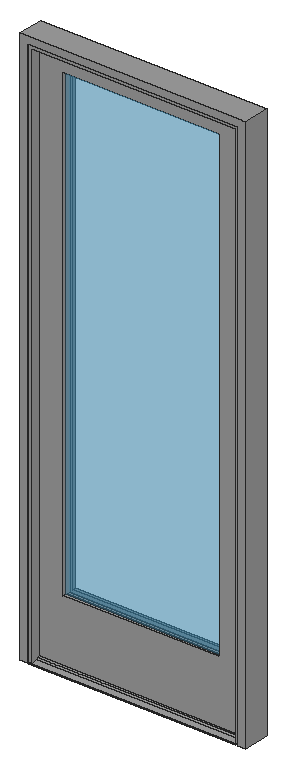
Revit family "AD-375 DOOR-1.56-CW_v04", category Curtain Panels, Revit 2015
Parameters
  Width [instance] = 3' - 2"
  URL = "obe.com"
  Rough Width [instance] = 3' - 2"
  Panel Width [instance] = Width - 0' 2 1/2"  # 2' - 11 1/2"
  Panel Offset [instance] = 0' - 0"
  Offset [instance] = 0' - 1"
  Model = "AD-375 DOOR"
  Min-Max Rough Width [instance] = if(and((Rough Width > 3' 2"), (Rough Width < 3' 8 1/256")), Rough Width, 3' 2 1/2")  # 3' - 2 1/2"
  Min-Max Panel Width [instance] = if(and((Rough Width > 3' 2"), (Rough Width < 3' 8 1/256")), Rough Width - 0' 2 1/2", 3' 0")  # 3' - 0"
  Manufacturer = "Oldcastle BuildingEnvelope®"
  Keynote = "08 11 00"
  Hinge [instance] = yes
  Height [instance] = 8' - 0"
  Glass Material = Glass
  Frame Material = Aluminum
  Door Panel Height [instance] = Height - 0' 0 85/128"  # 7' - 11 43/128"
  Description = "AD-375 - 1-9/16\" Door Infill"
  Assembly Code = "B2030"
  Analytic Construction = "<None>"
  6 Bottom Rail [instance] = no
  10 Bottom Rail [instance] = not([6 Bottom Rail])  # yes
Reference planes (in)
  plane 1 "Front": y = 0
  plane 2: z = 0
  plane 3 "Center (Left/Right)": x = 0
  plane 4 "Left": x = -19
  plane 5 "Right": x = 19
  plane 6 "Top": z = 96
  plane 7 "Offset": y = -1
  plane 8: x = -19.25
  plane 9: x = 19.25
Forms (in)
  Sweep 1, solid, material "Aluminum" <- "Frame Material"
    path origin (0, -1, 0) x (-1, 0, 0) y (0, 0, 1)
      loop
        line (-19.25, 96) -> (-19.25, 0)
    profile origin (19.25, -1, 48) x (0, 1, 0) y (-1, 0, 0)
      loop
        line (0, 0) -> (0, 1.25) -> (-2.7624, 1.25) -> (-2.7624, 1.812) -> (-4.3574, 1.812) -> (-4.3574, 1.25) -> (-4.50055, 1.25) -> (-4.50055, 0) -> (0, 0)
  Sweep 2, solid, material "Aluminum" <- "Frame Material"
    path origin (0, -1, 0) x (-1, 0, 0) y (0, 0, 1)
      loop
        line (19.25, 96) -> (19.25, 0)
    profile origin (-19.25, -1, 48) x (0, 1, 0) y (-1, 0, 0)
      loop
        line (0, 0) -> (-4.50055, 0) -> (-4.50055, -1.25) -> (-4.3574, -1.25) -> (-4.3574, -1.812) -> (-2.7624, -1.812) -> (-2.7624, -1.25) -> (0, -1.25) -> (0, 0)
  Sweep 3, solid, material "Aluminum" <- "Frame Material"
    path origin (0, -1, 0) x (-1, 0, 0) y (0, 0, 1)
      loop
        line (19.25, 96) -> (-19.25, 96)
    profile origin (0, -1, 96) x (0, 0, -1) y (0, 1, 0)
      loop
        line (1.25, 0) -> (0, 0) -> (0, -4.50055) -> (1.25, -4.50055) -> (1.25, -4.3574) -> (1.812, -4.3574) -> (1.812, -2.7624) -> (1.25, -2.7624) -> (1.25, 0)
Cuts and joins
  joined: Sweep 1, Sweep 2, Sweep 3
Text (in)
  text "Exterior" at (-54.29358, 31.38743, 0), in view "Ref. Level"
  text "Exterior" at (480, 41.53993, 89.60405), in view "Right"
  text "Exterior" at (-240, 57.82419, 105.78864), in view "Left"
Dimensions and locks (in)
  equal spacing: plane 4 "Left", plane 3 "Center (Left/Right)", plane 5 "Right"
  "Width": plane 4 "Left" to plane 5 "Right"
  "Height": plane 6 "Top" to plane 2
  "Offset": plane 7 "Offset" to plane 1 "Front"
  locked: plane 7 "Offset" to nested 2 at 1.4437
  locked: plane 9 to nested 2 at 1.25
  locked: plane 7 "Offset" to nested 3 at 1.4437
  locked: nested 3 to plane 8 at 1.25
  locked: nested 4 to plane 6 "Top" at 1.25
  locked: plane 7 "Offset" to nested 4 at 1.4437
  equal spacing: plane 8, plane 3 "Center (Left/Right)", plane 9
  "Min-Max Rough Width": plane 8 to plane 9
  aligned and locked: level to plane 2
  aligned and locked: plane 3 "Center (Left/Right)" to nested 1
  aligned and locked: nested 1 to plane 7 "Offset"
  aligned and locked: plane 2 to Sweep 1 sketch curve
  aligned and locked: plane 6 "Top" to Sweep 1 sketch curve
  aligned and locked: plane 2 to Sweep 2 sketch curve
  aligned and locked: plane 6 "Top" to Sweep 2 sketch curve
  aligned and locked: plane 6 "Top" to Sweep 3 sketch curve
  aligned and locked: Sweep 1 sketch curve to plane 9
  aligned and locked: plane 8 to Sweep 2 sketch curve
  aligned and locked: plane 9 to Sweep 3 sketch curve
  aligned and locked: plane 8 to Sweep 3 sketch curve
Automatic sketch dimensions
  Sweep 2 sketch curve to Sweep 2 sketch curve = 0' - 0.14315"
  Sweep 2 sketch curve to Sweep 2 sketch curve = 0' - 1.595"
  profile plane to Sweep 2 sketch curve = 0' - 1 1/4"  (x2)
  Sweep 2 sketch curve to Sweep 2 sketch curve = 0' - 2.7624"
  Sweep 2 sketch curve to Sweep 2 sketch curve = 0' - 0.562"
  Sweep 2 sketch curve to plane 7 "Offset" = 0' - 0"
  Sweep 2 sketch curve to profile plane = 0' - 0"
  Sweep 1 sketch curve to profile plane = 0' - 1.812"
  profile plane to Sweep 1 sketch curve = 0' - 0"
  Sweep 1 sketch curve to plane 7 "Offset" = 0' - 4.50055"
  Sweep 1 sketch curve to Sweep 1 sketch curve = 0' - 0.14315"
  Sweep 1 sketch curve to Sweep 1 sketch curve = 0' - 1.595"
  Sweep 1 sketch curve to profile plane = 0' - 1 1/4"  (x2)
  Sweep 1 sketch curve to Sweep 1 sketch curve = 0' - 2.7624"
  Sweep 3 sketch curve to profile plane = 0' - 1.812"
  Sweep 3 sketch curve to profile plane = 0' - 1 1/4"  (x2)
  Sweep 3 sketch curve to Sweep 3 sketch curve = 0' - 1 1/4"
  Sweep 3 sketch curve to plane 7 "Offset" = 0' - 4.50055"
  Sweep 3 sketch curve to Sweep 3 sketch curve = 0' - 0.14315"
  Sweep 3 sketch curve to Sweep 3 sketch curve = 0' - 1.595"
  Sweep 3 sketch curve to Sweep 3 sketch curve = 0' - 2.7624"
Nested families (in)
  nested 1: "AD-375 DOOR-1.56-Panel_v03" at (0, -17, 0), Frame Material <- "Frame Material", Glass Material <- "Glass Material", Hinge <- "Hinge", 6 Bottom Rail <- "6 Bottom Rail", Height <- "Door Panel Height", Width <- "Min-Max Panel Width", Offset <- "Panel Offset", type "AD-375 DOOR-1.56-Panel"
    with built-in parameter 1001301 3' - 0", Offset 0' - 0", Hinge yes, built-in parameter 1001300 7' - 11 43/128", Glass Material Glass, Frame Material Aluminum, Bottom Rail 0' - 10 19/32", 6 Bottom Rail no, 10 Bottom Rail yes
  nested 2: "EDGE FRAME L" at (20.5, -2.4437, 0) x (-1, 0, 0) z (0, 0, 1), type "EDGE FRAME L"
  nested 3: "EDGE FRAME R" at (-20.5, -2.4437, 0) x (-1, 0, 0) z (0, 0, 1), type "EDGE FRAME R"
  nested 4: "TOP FRAME" at (0, -2.4437, 97.25) x (0, -1, 0) z (1, 0, 0), type "TOP FRAME"
Definition of nested family "AD-375 DOOR-1.56-Panel_v03"
  Parameters (values of type "AD-375 DOOR-1.56-Panel")
    Width [instance] = 3' - 6"
    Offset [instance] = 0' - 1"
    Hinge [instance] = yes
    Height [instance] = 8' - 0"
    Glass Material [instance] = none
    Frame Material [instance] = none
    Bottom Rail [instance] = if([10 Bottom Rail], 0' 10 19/32", 0' 6 19/32")  # 0' - 6 19/32"
    6 Bottom Rail [instance] = yes
    10 Bottom Rail [instance] = not([6 Bottom Rail])  # no
  Reference planes (in)
    plane 1 "00": y = 13.5563
    plane 2: z = 0
    plane 3 "Center (Left/Right)": x = 0
    plane 4: z = 96
    plane 5: x = -21
    plane 6: x = 21
    plane 7 "Center (Front/Back)": y = 16
    plane 8 "Exterior": y = 14.33782
    plane 9: z = 48
    plane 10: z = 92.46875
    plane 11: z = 6.59375
    plane 12: x = -16.84147
    plane 13: x = 16.84147
    plane 14: y = 15
  Forms (in)
    Sweep 1, solid, material <- "Frame Material"
      path origin (0, 13.5563, 0) x (1, 0, 0) y (0, 0, 1)
        loop
          line (-20.69697, 96) -> (20.69697, 96)
      profile origin (0, 13.5563, 96) x (0, 0, 1) y (0, -1, 0)
        loop
          line (-0.71875, -1.31872) -> (-0.71875, 1.3187) -> (-3.96875, 1.3187) -> (-3.96875, 0.78148) -> (-3.53125, 0.78148) -> (-3.53125, -0.78152) -> (-3.96875, -0.78152) -> (-3.96875, -1.31872) -> (-0.71875, -1.31872)
    Sweep 2, solid, material <- "Frame Material"
      path origin (0, 13.5563, 0) x (1, 0, 0) y (0, 0, 1)
        loop
          line (20.69697, 0) -> (-20.69697, 0)
      profile origin (0, 13.5563, 0) x (0, 0, -1) y (0, -1, 0)
        loop
          line (-7.125, -0.7815) -> (-7.125, -1.31872) -> (-0.375, -1.31872) -> (-0.375, 1.3187) -> (-0.256, 1.3187) -> (-0.256, -0.69426) -> (-0.1048, -1.44415) -> (0, -1.44415) -> (0, 3.05585) -> (-0.09458, 3.05585) -> (-0.256, 1.86985) -> (-0.506, 1.73385) -> (-0.506, 1.3187) -> (-7.125, 1.3187) -> (-7.125, 0.7815) -> (-6.59375, 0.7815) -> (-6.59375, -0.7815) -> (-7.125, -0.7815)
    Sweep 3, solid, material <- "Frame Material"
      path origin (0, 13.5563, 0) x (1, 0, 0) y (0, 0, 1)
        loop
          line (21, 95.28125) -> (21, 0.375)
      profile origin (21, 13.5563, 47.82812) x (0, -1, 0) y (1, 0, 0)
        loop
          line (1.3187, -4.59603) -> (1.3187, -0.30303) -> (-1.35373, -0.30303) -> (-1.35373, -0.41303) -> (-1.31872, -0.41303) -> (-1.31872, -4.59603) -> (-0.78152, -4.59603) -> (-0.78152, -4.15853) -> (0.78148, -4.15853) -> (0.78148, -4.59603) -> (1.3187, -4.59603)
    Sweep 4, solid, material <- "Frame Material"
      path origin (0, 13.5563, 0) x (1, 0, 0) y (0, 0, 1)
        loop
          line (-21, 95.28125) -> (-21, 0.375)
      profile origin (-21, 13.5563, 47.82812) x (0, -1, 0) y (1, 0, 0)
        loop
          line (-1.31872, 0.41303) -> (-1.35373, 0.41303) -> (-1.35373, 0.30303) -> (1.3187, 0.30303) -> (1.3187, 4.59603) -> (0.78148, 4.59603) -> (0.78148, 4.15853) -> (-0.78152, 4.15853) -> (-0.78152, 4.59603) -> (-1.31872, 4.59603) -> (-1.31872, 0.41303)
    Extrusion 5, solid, material <- "Glass Material", detail levels coarse
      sketch origin (0, 0, 0) x (1, 0, 0) y (0, 1, 0)
        loop
          line (-16.84147, 14.33782) -> (-16.84147, 12.77482) -> (16.84147, 12.77482) -> (16.84147, 14.33782) -> (-16.84147, 14.33782)
      from 6.59375 to 92.46875
    Extrusion 6, solid, material <- "Glass Material", detail levels medium+fine
      sketch origin (0, 0, 0) x (1, 0, 0) y (0, 1, 0)
        loop
          line (-16.84147, 12.77482) -> (16.84147, 12.77482) -> (16.84147, 13.02282) -> (-16.84147, 13.02282) -> (-16.84147, 12.77482)
        loop
          line (16.84147, 14.3378) -> (-16.84147, 14.3378) -> (-16.84147, 14.0898) -> (16.84147, 14.0898) -> (16.84147, 14.3378)
        loop
          line (-16.84147, 13.43033) -> (16.84147, 13.43033) -> (16.84147, 13.67833) -> (-16.84147, 13.67833) -> (-16.84147, 13.43033)
      from 6.59375 to 92.46875
  Cuts and joins
    joined: Sweep 1, Sweep 2, Sweep 3, Sweep 4
  Lines and regions (in)
    model lines
      curve 1: line (16.84147, 14.33782, 92.46875) -> (-16.40397, 14.33782, 48)
      curve 2: line (-16.40397, 14.33782, 48) -> (16.84147, 14.33782, 6.59375)
  Dimensions and locks (in)
    equal spacing: plane 5, plane 3 "Center (Left/Right)", plane 6
    "Offset": plane 14 to plane 7 "Center (Front/Back)"
    plane 1 "00" to plane 8 "Exterior" to plane 14 = 0' - 0.78152" locked, 0' - 0.66218" locked
    equal spacing: level, plane 9, plane 4
    locked: Sweep 3 sketch curve to plane 4 at 0.71875
    locked: Sweep 4 sketch curve to plane 4 at 0.71875
    locked: plane 10 to plane 4 at 3.53125
    "Bottom Rail": plane 11 to plane 2
    "Height": plane 4 to plane 2
    Sweep 1 sketch curve to plane 10 = 0' - 0 7/16"  (x2)
    locked: plane 11 to Sweep 2 sketch curve at 0.53125  (x2)
    "Width": plane 5 to plane 6
    locked: plane 5 to plane 12 at 4.15853
    locked: plane 13 to plane 6 at 4.15853
    locked: plane 6 to Sweep 2 sketch curve at 0.30303
    locked: Sweep 2 sketch curve to plane 5 at 0.30303
    locked: Sweep 1 sketch curve to plane 5 at 0.30303
    locked: plane 6 to Sweep 1 sketch curve at 0.30303
    locked: plane 1 "00" to nested 2 at 0.29687
    locked: plane 2 to Sweep 3 sketch curve at 0.375
    locked: plane 2 to Sweep 4 sketch curve at 0.375
    aligned and locked: plane 2 to level
    aligned and locked: Sweep 1 sketch curve to plane 4
    aligned and locked: Sweep 2 sketch curve to level
    aligned and locked: level to nested 1
    aligned and locked: nested 1 to plane 1 "00"
    aligned and locked: Extrusion 6 to plane 10
    aligned and locked: Extrusion 5 to plane 10
    aligned and locked: plane 9 to curve 1
    aligned and locked: plane 11 to Extrusion 6
    aligned and locked: Sweep 3 sketch curve to plane 6
    aligned and locked: Sweep 4 sketch curve to plane 5
    aligned and locked: Extrusion 5 to plane 12
    aligned and locked: Extrusion 6 to plane 12  (x2)
    aligned and locked: plane 13 to Extrusion 6  (x2)
    aligned and locked: plane 13 to Extrusion 5
    aligned and locked: plane 11 to curve 2
    aligned and locked: cut or joined group of Sweep 1, Sweep 2, Sweep 3, Sweep 4 to curve 1
    aligned and locked: plane 11 to Extrusion 5
    aligned and locked: plane 3 "Center (Left/Right)" to nested 2
    aligned and locked: Extrusion 5 sketch curve to plane 12
  Automatic sketch dimensions
    profile plane to Sweep 3 sketch curve = 0' - 0.41303"
    Sweep 3 sketch curve to plane 1 "00" = 0' - 1.35373"
    Sweep 3 sketch curve to Sweep 3 sketch curve = 0' - 0.03501"
    Sweep 3 sketch curve to Sweep 3 sketch curve = 0' - 0.5372"
    plane 1 "00" to Sweep 3 sketch curve = 0' - 0.78148"
    Sweep 3 sketch curve to Sweep 3 sketch curve = 0' - 0.53722"
    Sweep 3 sketch curve to Sweep 3 sketch curve = 0' - 3.7455"
    Sweep 3 sketch curve to Sweep 3 sketch curve = 0' - 0 7/16"  (x2)
    Sweep 3 sketch curve to Sweep 3 sketch curve = 0' - 0.11"
    Sweep 4 sketch curve to profile plane = 0' - 0.30303"
    Sweep 4 sketch curve to plane 1 "00" = 0' - 1.35373"
    Sweep 4 sketch curve to Sweep 4 sketch curve = 0' - 0.03501"
    Sweep 4 sketch curve to Sweep 4 sketch curve = 0' - 0.5372"
    plane 1 "00" to Sweep 4 sketch curve = 0' - 0.78148"
    Sweep 4 sketch curve to Sweep 4 sketch curve = 0' - 0.53722"
    Sweep 4 sketch curve to profile plane = 0' - 0.41303"
    Sweep 4 sketch curve to profile plane = 0' - 4.15853"
    Sweep 4 sketch curve to Sweep 4 sketch curve = 0' - 0 7/16"  (x2)
    Sweep 1 sketch curve to Sweep 1 sketch curve = 0' - 0 7/16"
    profile plane to Sweep 1 sketch curve = 0' - 0 23/32"
    Sweep 1 sketch curve to plane 1 "00" = 0' - 1.31872"
    Sweep 1 sketch curve to Sweep 1 sketch curve = 0' - 0.5372"
    plane 1 "00" to Sweep 1 sketch curve = 0' - 0.78148"
    Sweep 1 sketch curve to Sweep 1 sketch curve = 0' - 0.53722"
    Sweep 2 sketch curve to profile plane = 0' - 0"
    Sweep 2 sketch curve to Sweep 2 sketch curve = 0' - 0 17/32"
    profile plane to Sweep 2 sketch curve = 0' - 0.256"  (x2)
    profile plane to Sweep 2 sketch curve = 0' - 0.1048"
    profile plane to Sweep 2 sketch curve = 0' - 0.09458"
    Sweep 2 sketch curve to plane 1 "00" = 0' - 1.31872"
    Sweep 2 sketch curve to Sweep 2 sketch curve = 0' - 0.53722"
    plane 1 "00" to Sweep 2 sketch curve = 0' - 0.7815"
    Sweep 2 sketch curve to Sweep 2 sketch curve = 0' - 0.5372"
    Sweep 2 sketch curve to Sweep 2 sketch curve = 0' - 0.41515"
    Sweep 2 sketch curve to Sweep 2 sketch curve = 0' - 0.136"
    Sweep 2 sketch curve to Sweep 2 sketch curve = 0' - 1.186"
    plane 8 "Exterior" to Extrusion 5 sketch curve = 0' - 0"
    Extrusion 5 sketch curve to plane 13 = 0' - 0"
    plane 1 "00" to Extrusion 5 sketch curve = 0' - 0.78148"
    Extrusion 6 sketch curve to plane 12 = 0' - 0"  (x3)
    Extrusion 6 sketch curve to plane 13 = 0' - 0"  (x3)
    plane 1 "00" to Extrusion 6 sketch curve = 0' - 0.78148"
    Extrusion 6 sketch curve to Extrusion 6 sketch curve = 0' - 0.248"
    plane 1 "00" to Extrusion 6 sketch curve = 0' - 0.12597"
    Extrusion 6 sketch curve to plane 1 "00" = 0' - 0.12203"
    plane 8 "Exterior" to Extrusion 6 sketch curve = 0' - 0.24802"
    plane 8 "Exterior" to Extrusion 6 sketch curve = 0' - 0"
    curve 2 to plane 13 = 0' - 0"
    curve 1 to plane 10 = 0' - 0"
    plane 12 to curve 2 = 0' - 0 7/16"
    Sweep 2 sketch curve to Sweep 2 sketch curve = 0' - 0.62446"
    Sweep 2 sketch curve to Sweep 2 sketch curve = 0' - 0.119"
    Sweep 2 sketch curve to Sweep 2 sketch curve = 0' - 0.74989"
    Sweep 2 sketch curve to Sweep 2 sketch curve = 0' - 0.131"
    Sweep 2 sketch curve to Sweep 2 sketch curve = 0' - 0"
  Nested families (in)
    nested 1: "AD-375 DOOR-1.56-Section" at (0, 13.5563, 0) x (0, -1, 0) z (1, 0, 0), Height <- "Height", 6 Bottom Rail <- "6 Bottom Rail", type "AD-375 DOOR-1.56-Section"
      with Height 8' - 0", Bottom Rail 0' - 6 19/32", 6 Bottom Rail yes, 10 Bottom Rail no
    nested 2: "AD-375 DOOR-1.56-Plan View" at (0, 13.85317, 0), Width <- "Width", Hinge <- "Hinge", type "AD-375 DOOR-1.56-Plan View"
      with Width 3' - 6", Hinge yes
  Definition of nested family "AD-375 DOOR-1.56-Section"
    Parameters (values of type "AD-375 DOOR-Double-1.56-Section")
      Height [instance] = 8' - 0"
      Bottom Rail [instance] = if([10 Bottom Rail], 0' 10 19/32", 0' 6 19/32")  # 0' - 10 19/32"
      6 Bottom Rail [instance] = no
      10 Bottom Rail [instance] = not([6 Bottom Rail])  # yes
    Reference planes (in)
      plane 1 "Center (Front/Back)": y = 0
      plane 2: z = 0
      plane 3 "Center (Left/Right)": x = 0
      plane 4: y = 92.46875
      plane 5: y = 96
      plane 6: y = 10.59375
    Lines and regions (in)
      detail lines, in view "Ref. Level"
        curve 1: line (-0.78152, 92.46875, 0) -> (-0.78152, 10.59375, 0)
        curve 10: line (0.78148, 92.46875, 0) -> (0.78148, 10.59375, 0)
      detail lines, in view "Ref. Level", detail levels fine
        curve 2: line (-0.71952, 92.46875, 0) -> (-0.71952, 10.59375, 0)
        curve 3: line (-0.65752, 92.46875, 0) -> (-0.65752, 10.59375, 0)
        curve 4: line (-0.59552, 92.46875, 0) -> (-0.59552, 10.59375, 0)
        curve 7: line (0.59548, 92.46875, 0) -> (0.59548, 10.59375, 0)
        curve 8: line (0.65748, 92.46875, 0) -> (0.65748, 10.59375, 0)
        curve 9: line (0.71948, 92.46875, 0) -> (0.71948, 10.59375, 0)
        curve 12: line (-0.06202, 92.46879, 0) -> (-0.06202, 10.59379, 0)
        curve 13: line (-0.00002, 92.46879, 0) -> (-0.00002, 10.59379, 0)
        curve 14: line (0.06198, 92.46879, 0) -> (0.06198, 10.59379, 0)
      detail lines, in view "Ref. Level", detail levels medium+fine
        curve 5: line (-0.53352, 92.46875, 0) -> (-0.53352, 10.59375, 0)
        curve 6: line (0.53348, 92.46875, 0) -> (0.53348, 10.59375, 0)
        curve 11: line (-0.12402, 92.46879, 0) -> (-0.12402, 10.59379, 0)
        curve 15: line (0.12398, 92.46879, 0) -> (0.12398, 10.59379, 0)
    Dimensions and locks (in)
      nested 1 to plane 5 to plane 4 = 0' - 1 29/32" locked, 0' - 3 17/32" locked
      "Height": plane 1 "Center (Front/Back)" to plane 5
      "Bottom Rail": plane 1 "Center (Front/Back)" to plane 6
      aligned and locked: plane 4 to curve 1
      aligned and locked: plane 4 to curve 2
      aligned and locked: plane 4 to curve 3
      aligned and locked: plane 4 to curve 4
      aligned and locked: plane 4 to curve 5
      aligned and locked: plane 4 to curve 6
      aligned and locked: plane 4 to curve 7
      aligned and locked: plane 4 to curve 8
      aligned and locked: plane 4 to curve 9
      aligned and locked: plane 4 to curve 10
      aligned and locked: plane 3 "Center (Left/Right)" to nested 1
      aligned and locked: plane 6 to curve 10
      aligned and locked: plane 3 "Center (Left/Right)" to nested 2
      aligned and locked: nested 3 to plane 1 "Center (Front/Back)"
      aligned and locked: plane 3 "Center (Left/Right)" to nested 3
      aligned and locked: plane 1 "Center (Front/Back)" to nested 2
    Automatic sketch dimensions
      plane 6 to curve 1 = 0' - 0"
      plane 6 to curve 2 = 0' - 0"
      plane 6 to curve 3 = 0' - 0"
      plane 6 to curve 4 = 0' - 0"
      plane 6 to curve 5 = 0' - 0"
      plane 6 to curve 6 = 0' - 0"
      plane 6 to curve 7 = 0' - 0"
      plane 6 to curve 8 = 0' - 0"
      plane 6 to curve 9 = 0' - 0"
      curve 1 to plane 3 "Center (Left/Right)" = 0' - 0.78152"
      curve 1 to curve 2 = 0' - 0.062"
      curve 2 to curve 3 = 0' - 0.062"
      curve 3 to curve 4 = 0' - 0.062"
      curve 4 to curve 5 = 0' - 0.062"
      plane 4 to curve 11 = 0' - 0.00004"
      curve 11 to plane 3 "Center (Left/Right)" = 0' - 0.12402"
      curve 12 to plane 6 = 0' - 0.00004"
      curve 11 to curve 12 = 0' - 0.062"
      curve 13 to plane 3 "Center (Left/Right)" = 0' - 0"
      curve 14 to plane 6 = 0' - 0.00004"
      plane 3 "Center (Left/Right)" to curve 14 = 0' - 0.06198"
      plane 4 to curve 15 = 0' - 0.00004"
      curve 14 to curve 15 = 0' - 0.062"
      curve 15 to curve 6 = 0' - 0.4095"
      curve 6 to curve 7 = 0' - 0.062"
      curve 7 to curve 8 = 0' - 0.062"
      curve 8 to curve 9 = 0' - 0.062"
      curve 9 to curve 10 = 0' - 0.062"
      curve 13 to plane 6 = 0' - 0.00004"
      curve 11 to plane 6 = 0' - 0.00004"
      curve 15 to plane 6 = 0' - 0.00004"
      plane 4 to curve 14 = 0' - 0.00004"
      plane 4 to curve 12 = 0' - 0.00004"
      plane 4 to curve 13 = 0' - 0.00004"
    Nested families (in)
      nested 1: "TOP RAIL HINGE" at (0, 97.90625, 0), type "TOP RAIL-DI", in view "Ref. Level"
      nested 2: "6 BOTTOM RAIL" at (0, 7.12504, 0), visible <- "6 Bottom Rail", type "8 BOTTOM RAIL", in view "Ref. Level"
      nested 3: "10 BOTTOM RAIL" at (0, 11.12508, 0), visible <- "10 Bottom Rail", type "10 BOTTOM RAIL", in view "Ref. Level"
    Definition of nested family "TOP RAIL HINGE"
      Reference planes (in)
        plane 1 "Center (Front/Back)": y = 0
        plane 2: z = 0
        plane 3 "Center (Left/Right)": x = 0
      Lines and regions (in)
        detail lines, in view "Ref. Level"
          curve 1: line (1.3187, -2.625, 0) -> (-1.3187, -2.625, 0)
          curve 2: line (-1.3187, -2.625, 0) -> (-1.3187, -5.875, 0)
          curve 3: line (-1.3187, -5.875, 0) -> (-0.78152, -5.875, 0)
          curve 4: line (-0.78152, -5.875, 0) -> (-0.78152, -5.4375, 0)
          curve 5: line (-0.78152, -5.4375, 0) -> (0.78148, -5.4375, 0)
          curve 6: line (0.78148, -5.4375, 0) -> (0.78148, -5.875, 0)
          curve 7: line (0.78148, -5.875, 0) -> (1.3187, -5.875, 0)
          curve 8: line (1.3187, -5.875, 0) -> (1.3187, -2.625, 0)
    Definition of nested family "6 BOTTOM RAIL"
      Types (2): name
        6 BOTTOM RAIL
        8 BOTTOM RAIL
      Reference planes (in)
        plane 1 "Center (Front/Back)": y = 0
        plane 2: z = 0
        plane 3 "Center (Left/Right)": x = 0
      Lines and regions (in)
        detail lines, in view "Ref. Level"
          curve 1: line (1.31872, -6.75004, 0) -> (1.31872, 0, 0)
          curve 2: line (1.31872, 0, 0) -> (0.7815, 0, 0)
          curve 3: line (0.7815, 0, 0) -> (0.7815, -0.53204, 0)
          curve 4: line (0.7815, -0.53204, 0) -> (-0.7815, -0.53204, 0)
          curve 5: line (-0.7815, -0.53204, 0) -> (-0.7815, 0, 0)
          curve 6: line (-0.7815, 0, 0) -> (-1.28838, 0, 0)
          curve 7: line (-1.28838, 0, 0) -> (-1.28838, -6.75004, 0)
          curve 8: line (-1.28838, -6.75004, 0) -> (1.31872, -6.75004, 0)
          curve 9: line (3.05587, -7.12504, 0) -> (-1.44512, -7.12504, 0)
          curve 10: arc (-1.44512, -7.12504, 0) -> (-1.40967, -7.04655, 0) -> (-1.33797, -6.99884, 0) r 0.156
          curve 11: line (-1.33797, -6.99884, 0) -> (-0.69424, -6.86904, 0)
          curve 12: line (-0.69424, -6.86904, 0) -> (1.31872, -6.86904, 0)
          curve 13: line (1.31872, -6.86904, 0) -> (1.31872, -6.61904, 0)
          curve 14: line (1.31872, -6.61904, 0) -> (1.73387, -6.61904, 0)
          curve 15: line (1.73387, -6.61904, 0) -> (1.86987, -6.86904, 0)
          curve 16: line (1.86987, -6.86904, 0) -> (3.02642, -7.02507, 0)
          curve 17: arc (3.02642, -7.02507, 0) -> (3.04747, -7.03638, 0) -> (3.05587, -7.05876, 0) r 0.034
          curve 18: line (3.05587, -7.05876, 0) -> (3.05587, -7.12504, 0)
    Definition of nested family "10 BOTTOM RAIL"
      Reference planes (in)
        plane 1 "Center (Front/Back)": y = 0
        plane 2: z = 0
        plane 3 "Center (Left/Right)": x = 0
      Lines and regions (in)
        detail lines, in view "Ref. Level"
          curve 1: line (1.3187, -10.75008, 0) -> (1.3187, 0, 0)
          curve 2: line (1.3187, 0, 0) -> (0.78148, 0, 0)
          curve 3: line (0.78148, 0, 0) -> (0.78148, -0.53204, 0)
          curve 4: line (0.78148, -0.53204, 0) -> (-0.78152, -0.53204, 0)
          curve 5: line (-0.78152, -0.53204, 0) -> (-0.78152, 0, 0)
          curve 6: line (-0.78152, 0, 0) -> (-1.2884, 0, 0)
          curve 7: line (-1.2884, 0, 0) -> (-1.2884, -10.75008, 0)
          curve 8: line (-1.2884, -10.75008, 0) -> (1.3187, -10.75008, 0)
          curve 9: line (3.05585, -11.12508, 0) -> (-1.44514, -11.12508, 0)
          curve 10: arc (-1.44514, -11.12508, 0) -> (-1.40969, -11.0466, 0) -> (-1.33799, -10.99888, 0) r 0.156
          curve 11: line (-1.33799, -10.99888, 0) -> (-0.69426, -10.86908, 0)
          curve 12: line (-0.69426, -10.86908, 0) -> (1.3187, -10.86908, 0)
          curve 13: line (1.3187, -10.86908, 0) -> (1.3187, -10.61908, 0)
          curve 14: line (1.3187, -10.61908, 0) -> (1.73385, -10.61908, 0)
          curve 15: line (1.73385, -10.61908, 0) -> (1.86985, -10.86908, 0)
          curve 16: line (1.86985, -10.86908, 0) -> (3.0264, -11.02511, 0)
          curve 17: arc (3.0264, -11.02511, 0) -> (3.04745, -11.03643, 0) -> (3.05585, -11.0588, 0) r 0.034
          curve 18: line (3.05585, -11.0588, 0) -> (3.05585, -11.12508, 0)
  Definition of nested family "AD-375 DOOR-1.56-Plan View"
    Parameters (values of type "AD-375 DOOR-1.56-Plan View")
      Width [instance] = 4' - 0"
      Hinge [instance] = yes
    Reference planes (in)
      plane 1 "Center (Front/Back)": y = 0
      plane 2: z = 0
      plane 3 "Center (Left/Right)": x = 0
      plane 4: x = -24
      plane 5: x = 24
      plane 6: x = 22.04528
      plane 7: y = 48
      plane 8: y = 43.84451
      plane 9: y = 5.51268
    Lines and regions (in)
      detail lines, in view "Ref. Level", not visible
        curve 1: line (-20.1445, 0.78152, 0) -> (19.84147, 0.78152, 0)
        curve 2: line (19.84147, 0.53352, 0) -> (-20.1445, 0.53352, 0)
        curve 3: line (-20.1445, -0.53348, 0) -> (19.84147, -0.53348, 0)
        curve 4: line (19.84147, -0.78148, 0) -> (-20.1445, -0.78148, 0)
        curve 15: line (-20.1445, 0.12402, 0) -> (19.84147, 0.12402, 0)
        curve 16: line (19.84147, -0.12398, 0) -> (-20.1445, -0.12398, 0)
      detail lines, in view "Ref. Level"
        curve 5: line (21.2638, 43.84451, 0) -> (21.2638, 5.51268, 0)
        curve 14: line (22.8268, 43.84451, 0) -> (22.8268, 5.51268, 0)
        curve 17: arc (-23.69697, 0, 0) -> (-10.41101, 33.02852, 0) -> (22.04528, 47.6569, 0) r 47.69697
      detail lines, in view "Ref. Level", detail levels fine
        curve 6: line (21.3258, 43.84451, 0) -> (21.3258, 5.51268, 0)
        curve 7: line (21.3878, 43.84451, 0) -> (21.3878, 5.51268, 0)
        curve 8: line (21.4498, 43.84451, 0) -> (21.4498, 5.51268, 0)
        curve 11: line (22.6408, 43.84451, 0) -> (22.6408, 5.51268, 0)
        curve 12: line (22.7028, 43.54453, 0) -> (22.7028, 5.51268, 0)
        curve 13: line (22.7648, 43.84451, 0) -> (22.7648, 5.51268, 0)
        curve 19: line (21.9833, 43.84451, 0) -> (21.9833, 5.51268, 0)
        curve 20: line (22.0453, 43.54453, 0) -> (22.0453, 5.51268, 0)
        curve 21: line (22.1073, 43.84451, 0) -> (22.1073, 5.51268, 0)
      detail lines, in view "Ref. Level", detail levels medium+fine
        curve 9: line (21.5118, 43.84451, 0) -> (21.5118, 5.51268, 0)
        curve 10: line (22.5788, 43.84451, 0) -> (22.5788, 5.51268, 0)
        curve 18: line (21.9213, 43.84451, 0) -> (21.9213, 5.51268, 0)
        curve 22: line (22.1693, 43.84451, 0) -> (22.1693, 5.51268, 0)
    Dimensions and locks (in)
      "Width": plane 4 to plane 5
      equal spacing: plane 4, plane 3 "Center (Left/Right)", plane 5
      nested 1 to nested 5 to plane 1 "Center (Front/Back)" to plane 9 = 0' - 0.09545" locked, 0' - 1.04735" locked, 0' - 5.51268" locked
      plane 8 to plane 7 to nested 3 = 0' - 4.15549" locked, 0' - 2 1/2" locked
      "Width": plane 1 "Center (Front/Back)" to plane 7
      plane 6 to plane 5 to nested 5 to nested 2 = 0' - 1.95472" locked, 0' - 1.69941" locked, 0' - 0.79754" locked
      locked: nested 4 to plane 4 at 2.49695
      aligned and locked: nested 2 to plane 1 "Center (Front/Back)"
      aligned and locked: plane 1 "Center (Front/Back)" to nested 4
      aligned and locked: nested 3 to plane 6
      aligned and locked: nested 1 to plane 6
    Automatic sketch dimensions
      plane 1 "Center (Front/Back)" to curve 17 = 0' - 0"
      plane 8 to curve 5 = 0' - 0"
      plane 9 to curve 5 = 0' - 0"
      plane 9 to curve 6 = 0' - 0"
      plane 8 to curve 6 = 0' - 0"
      plane 8 to curve 7 = 0' - 0"
      plane 9 to curve 7 = 0' - 0"
      plane 8 to curve 8 = 0' - 0"
      plane 9 to curve 8 = 0' - 0"
      plane 9 to curve 9 = 0' - 0"
      plane 8 to curve 9 = 0' - 0"
      plane 9 to curve 18 = 0' - 0"
      plane 8 to curve 18 = 0' - 0"
      plane 8 to curve 19 = 0' - 0"
      plane 9 to curve 19 = 0' - 0"
      curve 17 to plane 6 = 0' - 0"
      plane 9 to curve 20 = 0' - 0"
      plane 9 to curve 21 = 0' - 0"
      plane 8 to curve 21 = 0' - 0"
      plane 9 to curve 22 = 0' - 0"
      plane 8 to curve 22 = 0' - 0"
      plane 8 to curve 10 = 0' - 0"
      plane 9 to curve 10 = 0' - 0"
      plane 8 to curve 11 = 0' - 0"
      plane 9 to curve 11 = 0' - 0"
      plane 9 to curve 12 = 0' - 0"
      plane 9 to curve 13 = 0' - 0"
      plane 8 to curve 13 = 0' - 0"
      plane 9 to curve 14 = 0' - 0"
      plane 8 to curve 14 = 0' - 0"
      curve 17 to plane 5 = 0' - 0"
      plane 6 to curve 19 = 0' - 0.06198"
      curve 18 to curve 19 = 0' - 0.062"
      curve 9 to curve 18 = 0' - 0.4095"
      curve 8 to curve 9 = 0' - 0.062"
      curve 7 to curve 8 = 0' - 0.062"
      curve 6 to curve 7 = 0' - 0.062"
      curve 5 to curve 6 = 0' - 0.062"
      curve 2 to plane 1 "Center (Front/Back)" = 0' - 0.53352"
      plane 6 to curve 2 = 0' - 2.20381"
      plane 1 "Center (Front/Back)" to curve 3 = 0' - 0.53348"
      curve 3 to curve 2 = 0' - 0"
      curve 1 to curve 2 = 0' - 0"
      plane 1 "Center (Front/Back)" to curve 16 = 0' - 0.12398"
      curve 16 to curve 3 = 0' - 0"
      curve 15 to curve 16 = 0' - 0"
      curve 4 to curve 3 = 0' - 0"
      plane 1 "Center (Front/Back)" to curve 4 = 0' - 0.78148"
      plane 4 to curve 4 = 0' - 3.8555"
      curve 1 to curve 4 = 0' - 0"
      curve 3 to curve 4 = 0' - 0"
      curve 2 to curve 1 = 0' - 0"
      curve 15 to plane 1 "Center (Front/Back)" = 0' - 0.12402"
      curve 15 to curve 2 = 0' - 0"
      curve 16 to curve 15 = 0' - 0"
      plane 4 to curve 17 = 0' - 0.30303"
      curve 20 to plane 6 = 0' - 0"
      curve 20 to curve 21 = 0' - 0.062"
      curve 21 to curve 22 = 0' - 0.062"
      curve 22 to curve 10 = 0' - 0.4095"
      curve 10 to curve 11 = 0' - 0.062"
      curve 11 to curve 12 = 0' - 0.062"
      curve 12 to curve 13 = 0' - 0.062"
      curve 13 to curve 14 = 0' - 0.062"
      curve 2 to curve 1 = 0' - 0.248"
      plane 8 to curve 12 = 0' - 0.29998"
      plane 8 to curve 20 = 0' - 0.29998"
    Nested families (in)
      nested 1: "HINGE-HD-DI" at (22.04528, -1.1428, 0) x (0, 1, 0) z (0, 0, 1), type "HINGE-HD-DI", in view "Ref. Level"
      nested 2: "HINGE-HD-DI" at (26.49695, 0, 0) x (-1, 0, 0) z (0, 0, 1), type "HINGE-HD-DI", in view "Ref. Level", not visible
      nested 3: "HINGE-HD-DI" at (22.04528, 50.5, 0) x (0, -1, 0) z (0, 0, 1), type "HINGE-HD-DI", in view "Ref. Level"
      nested 4: "HINGE-HD-DI" at (-26.49695, 0, 0), type "HINGE-HD-DI", in view "Ref. Level", not visible
      nested 5: "HINGE-DI" at (25.69941, -1.04735, 0), visible <- "Hinge", type "HINGE-DI", in view "Ref. Level"
    Definition of nested family "HINGE-HD-DI"
      Reference planes (in)
        plane 1 "Center (Front/Back)": y = 0
        plane 2: z = 0
        plane 3 "Center (Left/Right)": x = 0
      Lines and regions (in)
        detail lines, in view "Ref. Level"
          curve 1: line (2.79998, 0.4063, 0) -> (2.79998, -1.35373, 0)
          curve 2: line (2.79998, -1.35373, 0) -> (2.90998, -1.35373, 0)
          curve 3: line (2.90998, -1.35373, 0) -> (2.90998, -1.31872, 0)
          curve 4: line (2.90998, -1.31872, 0) -> (7.09299, -1.31872, 0)
          curve 5: line (7.09299, -1.31872, 0) -> (7.09299, -0.78152, 0)
          curve 6: line (7.09299, -0.78152, 0) -> (6.65549, -0.78152, 0)
          curve 7: line (6.65549, -0.78152, 0) -> (6.65549, 0.78148, 0)
          curve 8: line (6.65549, 0.78148, 0) -> (7.09299, 0.78148, 0)
          curve 9: line (7.09299, 0.78148, 0) -> (7.09299, 1.3187, 0)
          curve 10: line (7.09299, 1.3187, 0) -> (2.91554, 1.3187, 0)
          curve 11: arc (2.91554, 1.3187, 0) -> (2.8511, 1.29314, 0) -> (2.82171, 1.23036, 0) r 0.094
          curve 12: line (2.82171, 1.23036, 0) -> (2.8195, 1.19368, 0)
          curve 13: line (2.8195, 1.19368, 0) -> (2.8195, 0.4063, 0)
    Definition of nested family "HINGE-DI"
      Reference planes (in)
        plane 1 "Center (Front/Back)": y = 0
        plane 2: z = 0
        plane 3 "Center (Left/Right)": x = 0
Definition of nested family "EDGE FRAME L"
  Reference planes (in)
    plane 1 "Center (Front/Back)": y = 0
    plane 2: z = 0
    plane 3 "Center (Left/Right)": x = 0
  Lines and regions (in)
    detail lines, in view "Ref. Level"
      curve 1: line (2.5, 1.3187, 0) -> (2.5, -1.4437, 0)
      curve 2: line (2.5, -1.4437, 0) -> (1.25, -1.4437, 0)
      curve 3: line (1.25, -1.4437, 0) -> (1.25, 3.05685, 0)
      curve 4: line (1.25, 3.05685, 0) -> (2.5, 3.05685, 0)
      curve 5: line (2.5, 3.05685, 0) -> (2.5, 2.9137, 0)
      curve 6: line (2.5, 2.9137, 0) -> (3.062, 2.9137, 0)
      curve 7: line (3.062, 2.9137, 0) -> (3.062, 1.3187, 0)
      curve 8: line (3.062, 1.3187, 0) -> (2.5, 1.3187, 0)
Definition of nested family "EDGE FRAME R"
  Reference planes (in)
    plane 1 "Center (Front/Back)": y = 0
    plane 2: z = 0
    plane 3 "Center (Left/Right)": x = 0
  Lines and regions (in)
    detail lines, in view "Ref. Level"
      curve 1: line (-2.5, 1.3187, 0) -> (-2.5, -1.4437, 0)
      curve 2: line (-2.5, -1.4437, 0) -> (-1.25, -1.4437, 0)
      curve 3: line (-1.25, -1.4437, 0) -> (-1.25, 3.05685, 0)
      curve 4: line (-1.25, 3.05685, 0) -> (-2.5, 3.05685, 0)
      curve 5: line (-2.5, 3.05685, 0) -> (-2.5, 2.9137, 0)
      curve 6: line (-2.5, 2.9137, 0) -> (-3.062, 2.9137, 0)
      curve 7: line (-3.062, 2.9137, 0) -> (-3.062, 1.3187, 0)
      curve 8: line (-3.062, 1.3187, 0) -> (-2.5, 1.3187, 0)
Definition of nested family "TOP FRAME"
  Reference planes (in)
    plane 1 "Center (Front/Back)": y = 0
    plane 2: z = 0
    plane 3 "Center (Left/Right)": x = 0
  Lines and regions (in)
    detail lines, in view "Ref. Level"
      curve 1: line (-1.4437, -2.5, 0) -> (1.3187, -2.5, 0)
      curve 2: line (1.3187, -2.5, 0) -> (1.3187, -3.062, 0)
      curve 3: line (1.3187, -3.062, 0) -> (2.9137, -3.062, 0)
      curve 4: line (2.9137, -3.062, 0) -> (2.9137, -2.5, 0)
      curve 5: line (2.9137, -2.5, 0) -> (3.05685, -2.5, 0)
      curve 6: line (3.05685, -2.5, 0) -> (3.05685, -1.25, 0)
      curve 7: line (3.05685, -1.25, 0) -> (-1.4437, -1.25, 0)
      curve 8: line (-1.4437, -1.25, 0) -> (-1.4437, -2.5, 0)
